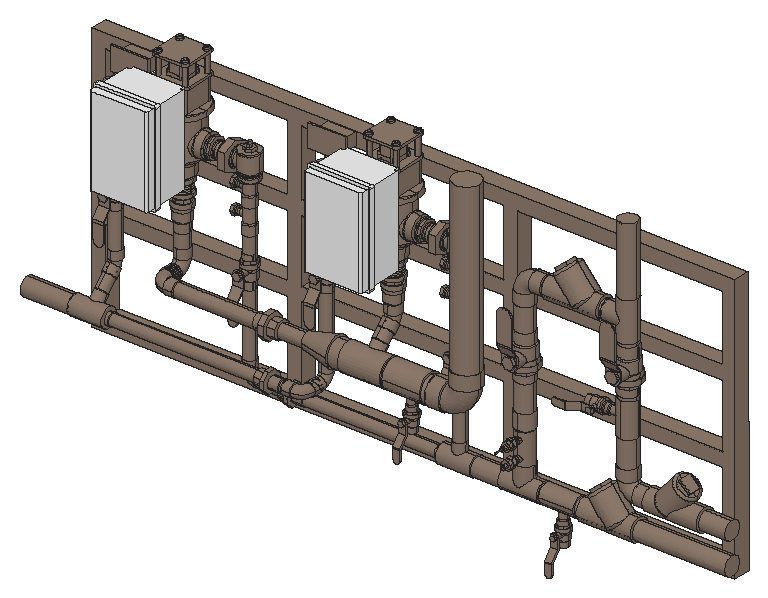
Revit family "Mixing_Valve-Leonard_Valve_Company-Megatron_NV_150_LF_2PS", category Pipe Accessories, Revit 2015 (continued)
Definition of nested family "Fitting-Tee_NV-150-LF-IF-R100_Upper"
  Parameters (values of type "Fitting-Tee_NV-150-LF-IF-R100_Upper")
    Material = none
  Reference planes (in)
    plane 1 "Center (Front/Back)": y = 0
    plane 2: z = 0
    plane 3 "Center (Left/Right)": x = 0
    plane 4: z = 0.86
    plane 5: z = -1.92
    plane 6: x = -1.57093
    plane 7: x = -1.94233
  Forms (in)
    Revolve 1, solid, material <- "Material", detail levels fine
      sketch origin (0, 0, 0) x (1, 0, 0) y (0, 0, 1)
        loop
          line (0, 0.86) -> (-0.685, 0.86) -> (-0.685, -0.56) -> (-0.745, -0.82) -> (-0.745, -1.92) -> (0, -1.92) -> (0, 0.86)
        axis (0, 0.86) -> (0, -1.92)
      angle from 0 to 360
    Revolve 2, solid, material <- "Material", detail levels fine
      sketch origin (0, 0, 0) x (1, 0, 0) y (0, 0, 1)
        loop
          line (0, 0.3714) -> (-0.90843, 0.3714) -> (-0.90843, 0.31117) -> (-1.33002, 0.31117) -> (-1.33002, 0.45672) -> (-1.57093, 0.45672) -> (-1.57093, 0) -> (0, 0) -> (0, 0.3714)
        axis (-1.57093, 0) -> (0, 0)
      angle from 0 to 360
    Sweep 3, solid, material <- "Material", detail levels fine
      path origin (0, 0, 0) x (1, 0, 0) y (0, 0, 1)
        loop
          line (-1.94233, 0) -> (-1.57093, 0)
      profile origin (-1.75663, 0, 0) x (0, 0, 1) y (0, -1, 0)
        loop
          line (0.52197, 0.30136) -> (0, 0.60272) -> (-0.52197, 0.30136) -> (-0.52197, -0.30136) -> (0, -0.60272) -> (0.52197, -0.30136) -> (0.52197, 0.30136)
  Cuts and joins
    joined: Revolve 1, Revolve 2, Sweep 3
  Lines and regions (in)
    model lines, detail levels coarse+medium
      curve 1: line (0, 0, 0.86) -> (0, 0, -1.92)
      curve 2: line (-0.75284, 0, -1.92) -> (0.75284, 0, -1.92)
      curve 3: line (-0.68759, 0, 0.86) -> (0.68759, 0, 0.86)
      curve 4: line (0, 0, 0) -> (-1.94233, 0, 0)
      curve 5: line (-1.94233, 0, 0.31117) -> (-1.94233, 0, -0.31117)
  Dimensions and locks (in)
    aligned and locked: level to plane 2
    aligned and locked: Revolve 1 sketch curve to plane 3 "Center (Left/Right)"
    aligned and locked: Revolve 2 sketch curve to plane 2
    aligned and locked: Sweep 3 sketch curve to plane 2
    aligned and locked: plane 6 to Sweep 3 sketch curve
    aligned and locked: plane 7 to Sweep 3 sketch curve
    aligned and locked: plane 2 to curve 4
    aligned and locked: curve 1 to plane 3 "Center (Left/Right)"
    aligned and locked: curve 3 to plane 4
    aligned and locked: curve 2 to plane 5
    aligned and locked: Revolve 1 sketch curve to plane 5
    aligned and locked: plane 4 to Revolve 1 sketch curve
    aligned and locked: plane 3 "Center (Left/Right)" to Revolve 1 sketch curve
    aligned and locked: plane 7 to curve 5
Definition of nested family "Fitting-Tee_NV-150-LF-IF-R100_Bottom"
  Parameters (values of type "Fitting-Tee_NV-150-LF-IF-R100_Bottom")
    Material = none
  Reference planes (in)
    plane 1 "Center (Front/Back)": y = 0
    plane 2: z = 0
    plane 3 "Center (Left/Right)": x = 0
    plane 4: z = 1.1
    plane 5: z = -1.92
    plane 6: x = -1.57093
    plane 7: x = -1.94233
  Forms (in)
    Revolve 1, solid, material <- "Material", detail levels fine
      sketch origin (0, 0, 0) x (1, 0, 0) y (0, 0, 1)
        loop
          line (0, 1.1) -> (-0.685, 1.1) -> (-0.685, -0.56) -> (-0.745, -0.82) -> (-0.745, -1.92) -> (0, -1.92) -> (0, 1.1)
        axis (0, 1.1) -> (0, -1.92)
      angle from 0 to 360
    Revolve 2, solid, material <- "Material", detail levels fine
      sketch origin (0, 0, 0) x (1, 0, 0) y (0, 0, 1)
        loop
          line (0, 0.3714) -> (-0.90843, 0.3714) -> (-0.90843, 0.31117) -> (-1.33002, 0.31117) -> (-1.33002, 0.45672) -> (-1.57093, 0.45672) -> (-1.57093, 0) -> (0, 0) -> (0, 0.3714)
        axis (-1.57093, 0) -> (0, 0)
      angle from 0 to 360
    Sweep 3, solid, material <- "Material", detail levels fine
      path origin (0, 0, 0) x (1, 0, 0) y (0, 0, 1)
        loop
          line (-1.94233, 0) -> (-1.57093, 0)
      profile origin (-1.75663, 0, 0) x (0, 0, 1) y (0, -1, 0)
        loop
          line (0.52197, 0.30136) -> (0, 0.60272) -> (-0.52197, 0.30136) -> (-0.52197, -0.30136) -> (0, -0.60272) -> (0.52197, -0.30136) -> (0.52197, 0.30136)
  Cuts and joins
    joined: Revolve 1, Revolve 2, Sweep 3
  Lines and regions (in)
    model lines, detail levels coarse+medium
      curve 1: line (0, 0, 1.1) -> (0, 0, -1.92)
      curve 2: line (-0.75284, 0, -1.92) -> (0.75284, 0, -1.92)
      curve 3: line (-0.68759, 0, 1.1) -> (0.68759, 0, 1.1)
      curve 4: line (0, 0, 0) -> (-1.94233, 0, 0)
      curve 5: line (-1.94233, 0, 0.31117) -> (-1.94233, 0, -0.31117)
  Dimensions and locks (in)
    aligned and locked: level to plane 2
    aligned and locked: Revolve 1 sketch curve to plane 3 "Center (Left/Right)"
    aligned and locked: Revolve 2 sketch curve to plane 2
    aligned and locked: Sweep 3 sketch curve to plane 2
    aligned and locked: plane 6 to Sweep 3 sketch curve
    aligned and locked: plane 7 to Sweep 3 sketch curve
    aligned and locked: plane 2 to curve 4
    aligned and locked: curve 1 to plane 3 "Center (Left/Right)"
    aligned and locked: curve 3 to plane 4
    aligned and locked: curve 2 to plane 5
    aligned and locked: Revolve 1 sketch curve to plane 5
    aligned and locked: plane 4 to Revolve 1 sketch curve
    aligned and locked: plane 3 "Center (Left/Right)" to Revolve 1 sketch curve
    aligned and locked: plane 7 to curve 5
Definition of nested family "Valve-Ball_Leonard-Valve-Company_R0.625"
  Parameters (values of type "Valve-Ball_Leonard-Valve-Company_R0.625")
    Material = none
  Reference planes (in)
    plane 1 "Center (Front/Back)": y = 0
    plane 2: z = 0
    plane 3 "Center (Left/Right)": x = 0
    plane 4: z = -2.65924
    plane 5: z = 1.7775
    plane 6: y = -1.71263
    plane 7: y = -1.9851
    plane 8: x = -0.50867
    plane 9: x = 0.50867
    plane 10: y = -1.61563
    plane 11: z = -7.10186
    plane 12: y = -2.488
    plane 13: y = -2.585
    plane 14: z = -1.00013
    plane 15: z = -0.02214
    plane 16: z = -0.51114
    plane 17: z = -0.33084
    plane 18: x = 0.66752
    plane 19: x = -0.61313
    plane 20: z = 0.77116
    plane 21: z = 1.12438
    plane 22: x = -0.97
    plane 23: x = 0.97
    plane 24: x = -0.81307
    plane 25: x = 0.81307
  Forms (in)
    Revolve 1, solid, material <- "Material"
      sketch origin (0, 0, 0) x (0, 1, 0) y (0, 0, 1)
        loop
          line (-1.61563, -0.02214) -> (0, -0.02214) -> (0, 0.38002) -> (-1.49595, 0.38002) -> (-1.49595, 0.22921) -> (-1.61563, 0.22921) -> (-1.61563, -0.02214)
        axis (0, -0.02214) -> (-1.61563, -0.02214)
      angle from 0 to 360
    Sweep 2, solid, material <- "Material"
      path origin (0, 0, 0) x (0, 1, 0) y (0, 0, 1)
        loop
          line (-1.71263, 0) -> (-1.9851, 0)
      profile origin (0, -1.84886, 0) x (0, 0, -1) y (1, 0, 0)
        loop
          line (-0.3313, -0.25395) -> (0.10855, -0.5079) -> (0.54841, -0.25395) -> (0.54841, 0.25395) -> (0.10855, 0.5079) -> (-0.3313, 0.25395) -> (-0.3313, -0.25395)
    Sweep 3, solid, material <- "Material"
      path origin (0, 0, -0.33041) x (0, 1, 0) y (0, 0, 1)
        loop
          line (-1.61563, -0.00043) -> (-1.71263, -0.00043)
      profile origin (0, -1.66413, -0.33084) x (0, 0, -1) y (1, 0, 0)
        loop
          line (0.92166, -0.61313) -> (0.92166, 0.6198) -> (-0.22329, 0.6198)
          arc (-0.22329, 0.6198) -> (-0.83976, 0.00333) -> (-0.22329, -0.61313) r 0.61647
          line (-0.22329, -0.61313) -> (0.92166, -0.61313)
    Sweep 4, solid, material <- "Material"
      path origin (0, 0, -0.33041) x (0, 1, 0) y (0, 0, 1)
        loop
          line (-2.488, -2.08706) -> (-2.585, -2.08706)
      profile origin (0, -2.5365, -2.41747) x (0, 0, -1) y (1, 0, 0)
        loop
          line (0.25237, 0.6198) -> (0.25237, -0.61313) -> (2.06826, -0.61313)
          arc (2.06826, -0.61313) -> (2.68472, 0.00333) -> (2.06826, 0.6198) r 0.61647
          line (2.06826, 0.6198) -> (0.25237, 0.6198)
    Extrusion 5, solid, material <- "Material"
      sketch origin (0, 0, -0.58278) x (0, 1, 0) y (0, 0, 1)
        loop
          line (-1.61563, -0.66972) -> (-1.61563, -0.63726) -> (-1.71263, -0.63726) -> (-2.585, -1.79494) -> (-2.585, -2.08706) -> (-2.488, -2.08706) -> (-2.488, -1.8274) -> (-1.61563, -0.66972)
      from -0.61313 to 0.6198
    Revolve 6, solid, material <- "Material"
      sketch origin (0, 0, 0) x (1, 0, 0) y (0, 0, 1)
        loop
          line (0, 1.7775) -> (0, 1.12438) -> (0.69977, 1.12438) -> (0.69977, 1.7775) -> (0, 1.7775)
        axis (0, 1.7775) -> (0, 1.12438)
      angle from 0 to 360
    Sweep 7, solid, material <- "Material"
      path origin (0, 0, 0) x (1, 0, 0) y (0, 0, 1)
        loop
          line (0, 1.12438) -> (0, 0.77116)
      profile origin (0, 0, 0.94777) x (0, -1, 0) y (1, 0, 0)
        loop
          line (0, -0.81307) -> (0.57493, -0.57493) -> (0.81307, 0) -> (0.57493, 0.57493) -> (0, 0.81307) -> (-0.57493, 0.57493) -> (-0.81307, 0) -> (-0.57493, -0.57493) -> (0, -0.81307)
    Revolve 8, solid, material <- "Material"
      sketch origin (0, 0, 0) x (1, 0, 0) y (0, 0, 1)
        loop
          line (0, 0.77116) -> (-0.97, 0.77116) -> (-0.97, 0.3513) -> (-0.89304, 0.3513) -> (-0.89304, 0) -> (-0.81307, 0) -> (-0.81307, -0.99493) -> (-0.69977, -1.10156) -> (-0.69977, -2.00127) -> (0, -2.00127) -> (0, 0.77116)
        axis (0, 0.77116) -> (0, -2.00127)
      angle from 0 to 360
  Cuts and joins
    joined: Sweep 3, Extrusion 5
  Lines and regions (in)
    model lines
      curve 1: line (0, -2.488, -2.08706) -> (0, -2.585, -2.08706)
  Dimensions and locks (in)
    aligned and locked: level to plane 2
    aligned and locked: plane 7 to Sweep 2 sketch curve
    aligned and locked: plane 6 to Sweep 2 sketch curve
    aligned and locked: Sweep 2 sketch curve to plane 2
    aligned and locked: plane 10 to Sweep 3 sketch curve
    aligned and locked: plane 6 to Sweep 3 sketch curve
    aligned and locked: plane 12 to Sweep 4 sketch curve
    aligned and locked: plane 13 to Sweep 4 sketch curve
    aligned and locked: plane 5 to Revolve 6 sketch curve
    aligned and locked: plane 3 "Center (Left/Right)" to Revolve 6 sketch curve
    aligned and locked: Revolve 6 sketch curve to plane 3 "Center (Left/Right)"
    aligned and locked: Revolve 1 sketch curve to plane 1 "Center (Front/Back)"
    aligned and locked: plane 10 to Revolve 1 sketch curve
    aligned and locked: Sweep 3 sketch curve to plane 17
    aligned and locked: Extrusion 5 sketch curve to plane 10
    aligned and locked: Extrusion 5 sketch curve to plane 13
    aligned and locked: Extrusion 5 sketch curve to plane 12
    aligned and locked: cut or joined group of Sweep 3, Extrusion 5 to plane 19
    aligned and locked: plane 21 to Sweep 7 sketch curve
    aligned and locked: Sweep 7 sketch curve to plane 3 "Center (Left/Right)"
    aligned and locked: plane 20 to Sweep 7 sketch curve
    aligned and locked: Revolve 1 sketch curve to plane 15
Definition of nested family "Fitting-Elbow_Leonard-Valve-Company"
  Parameters (values of type "Fitting-Elbow_Leonard-Valve-Company_4.0")
    Width = 7.0600"
    Pipe Diameter = 4.0450"
    Material = none
    Height = 7.0600"
    Elbow Top = 4.3390"
    Elbow Lenght = 4.8940"
    Diameter = 4.0000"
  Types (7): name | Width | Pipe Diameter | Height | Elbow Top | Elbow Lenght | Diameter
    (no name) | 7.0600" | 4.0450" | 7.0600" | 4.3390" | 4.8940" | 4.0000"
    Fitting-Elbow_Leonard-Valve-Company_2.0 | 3.81611" | 2.0600" | 3.82111" | 2.26362" | 2.47897" | 2.0000"
    Fitting-Elbow_Leonard-Valve-Company_1.0 | 2.5900" | 1.1200" | 2.5900" | 1.2300" | 1.6800" | 1.0000"
    Fitting-Elbow_Leonard-Valve-Company_1.25 | 2.7900" | 1.3200" | 2.7900" | 1.4700" | 1.7500" | 1.2500"
    Fitting-Elbow_Leonard-Valve-Company_1.5 | 3.1800" | 1.5800" | 3.1800" | 1.7400" | 2.0900" | 1.5000"
    Fitting-Elbow_Leonard-Valve-Company_3.0 | 5.3700" | 3.0420" | 5.3700" | 3.2890" | 3.7090" | 3.0000"
    Fitting-Elbow_Leonard-Valve-Company_4.0 | 7.0600" | 4.0450" | 7.0600" | 4.3390" | 4.8940" | 4.0000"
  Reference planes (in)
    plane 1 "Center (Front/Back)": y = 0
    plane 2: z = 0
    plane 3 "Center (Left/Right)": x = 0
    plane 4: x = 3.53
    plane 5: z = 3.53
    plane 6: z = 1.364
    plane 7: x = 1.364
    plane 8: z = -3.53
    plane 9: x = -3.53
    plane 10: x = 0.809
    plane 11: z = 0.809
    plane 12: x = -1.3605
    plane 13: z = -1.3605
  Forms (in)
    Revolve 1, solid, material <- "Material", detail levels fine
      sketch origin (-0.78125, 0, -0.77875) x (1, 0, 0) y (0, 0, 1)
        loop
          line (4.31125, -0.58175) -> (4.31125, 1.58775) -> (2.14525, 1.58775) -> (2.14525, -0.58175) -> (4.31125, -0.58175)
        axis (2.14525, -0.58175) -> (4.31125, -0.58175)
      angle from 0 to 360
    Revolve 2, solid, material <- "Material", detail levels fine
      sketch origin (-0.78125, 0, -0.77875) x (1, 0, 0) y (0, 0, 1)
        loop
          line (-2.74875, 2.14275) -> (-0.57925, 2.14275) -> (-0.57925, 4.30875) -> (-2.74875, 4.30875) -> (-2.74875, 2.14275)
        axis (-0.57925, 4.30875) -> (-0.57925, 2.14275)
      angle from 0 to 360
    Sweep 3, solid, material <- "Material", detail levels fine
      path origin (-0.78125, 0, -0.77875) x (1, 0, 0) y (0, 0, 1)
        loop
          arc (-0.57925, 2.14275) -> (0.21874, 0.21623) -> (2.14525, -0.58175) r 2.7245
      profile "Fitting-Profile : Fitting-Profile" origin (-0.56251, 0, -0.56251) x (0.707107, 0, 0.707107) y (0, -1, 0)
        loop
          circle (0, 0) r 2.0225
  Lines and regions (in)
    model lines, detail levels coarse+medium
      curve 1: line (-3.53, 0, 3.53) -> (0.809, 0, 3.53)
      curve 2: line (3.53, 0, 0.809) -> (3.53, 0, -3.53)
      curve 3: line (-1.3605, 0, 3.53) -> (-1.3605, 0, 1.364)
      curve 4: line (3.53, 0, -1.3605) -> (1.364, 0, -1.3605)
      curve 5: arc (-1.3605, 0, 1.364) -> (-0.56251, 0, -0.56251) -> (1.364, 0, -1.3605) r 2.7245
  Dimensions and locks (in)
    "Elbow Lenght": plane 6 to plane 8
    "Elbow Lenght": plane 7 to plane 9
    "Elbow Top": plane 11 to plane 8
    "Elbow Top": plane 10 to plane 9
    equal spacing: plane 10, plane 12, plane 9
    equal spacing: plane 11, plane 13, plane 8
    equal spacing: plane 5, plane 2, plane 8
    equal spacing: plane 4, plane 3 "Center (Left/Right)", plane 9
    "Height": plane 5 to plane 8
    "Width": plane 4 to plane 9
    aligned and locked: level to plane 2
    aligned and locked: plane 4 to Revolve 1 sketch curve
    aligned and locked: Revolve 2 sketch curve to plane 5
    aligned and locked: Revolve 1 sketch curve to plane 7
    aligned and locked: curve 1 to plane 5
    aligned and locked: Revolve 2 sketch curve to plane 12  (x2)
    aligned and locked: plane 6 to Revolve 2 sketch curve
    aligned and locked: Revolve 1 sketch curve to plane 13  (x2)
    aligned and locked: Revolve 1 sketch curve to plane 11
    aligned and locked: plane 9 to Revolve 2 sketch curve
    aligned and locked: plane 6 to Sweep 3 sketch curve
    aligned and locked: plane 7 to Sweep 3 sketch curve
    aligned and locked: plane 9 to curve 1
    aligned and locked: plane 10 to curve 1
    aligned and locked: curve 2 to plane 4
    aligned and locked: plane 11 to curve 2
    aligned and locked: plane 8 to curve 2
    aligned and locked: plane 4 to curve 4
    aligned and locked: plane 13 to curve 4
    aligned and locked: plane 6 to curve 5
    aligned and locked: plane 5 to curve 3
    aligned and locked: curve 3 to plane 12
    aligned and locked: plane 12 to curve 5
    aligned and locked: plane 7 to curve 4
    aligned and locked: plane 13 to curve 5
  Automatic sketch dimensions
    Revolve 1 sketch curve to plane 9 = 58.1854"
    plane 4 to Revolve 1 sketch curve = 69.71809"
    plane 8 to Revolve 2 sketch curve = 13.2794"
    plane 5 to Revolve 2 sketch curve = 84.48845"
    Sweep 3 sketch curve to plane 12 = 0.0000"
Definition of nested family "Fitting-Tee_Leonard-Valve-Company"
  Parameters (values of type "Fitting-Tee_Leonard-Valve-Company_3.0")
    Width = 5.0430"
    Pipe Diemater 02 = 3.2890"
    Pipe Diameter 01 = 1.7000"
    Material = none
    Height = 4.0000"
    Diameter 02 = 3.0000"
    Diameter 01 = 1.2500"
  Types (3): name | Width | Pipe Diemater 02 | Pipe Diameter 01 | Height | Diameter 02
    Fitting-Tee_Leonard-Valve-Company_1.25_03 | 4.0630" | 2.2550" | 1.4720" | 3.1890" | 1.2500"
    Fitting-Tee_Leonard-Valve-Company_2.0_02 | 4.6160" | 2.2540" | 2.2250" | 3.60863" | 2.0000"
    Fitting-Tee_Leonard-Valve-Company_3.0 | 5.0430" | 3.2890" | 1.7000" | 4.0000" | 3.0000"
  Reference planes (in)
    plane 1 "Center (Front/Back)": y = 0
    plane 2: z = 0
    plane 3 "Center (Left/Right)": x = 0
    plane 4: x = -2.5215
    plane 5: x = 2.5215
    plane 6: z = 2.3555
    plane 7: x = 0.85
    plane 8: x = -0.85
    plane 9: z = 1.6445
    plane 10: z = -1.6445
  Forms (in)
    Sweep 1, solid, material <- "Material", detail levels fine
      path origin (0, 0, 0) x (1, 0, 0) y (0, 0, 1)
        loop
          line (-2.5215, 0) -> (2.5215, 0)
      profile "Fitting-Profile_02 : Fitting-Profile_02" origin (0, 0, 0) x (0, 0, 1) y (0, -1, 0)
        loop
          circle (0, 0) r 1.6445
    Sweep 2, solid, material <- "Material", detail levels fine
      path origin (0, 0, 0) x (1, 0, 0) y (0, 0, 1)
        loop
          line (0, 2.3555) -> (0, 0)
      profile "Fitting-Profile_01 : Fitting-Profile_01" origin (0, 0, 1.17775) x (1, 0, 0) y (0, -1, 0)
        loop
          circle (0, 0) r 0.85
  Cuts and joins
    joined: Sweep 1, Sweep 2
  Lines and regions (in)
    model lines, detail levels coarse+medium
      curve 1: line (-0.85, 0, 2.3555) -> (0.85, 0, 2.3555)
      curve 2: line (2.5215, 0, 1.6445) -> (2.5215, 0, -1.6445)
      curve 3: line (-2.5215, 0, 1.6445) -> (-2.5215, 0, -1.6445)
      curve 4: line (-2.5215, 0, 0) -> (2.5215, 0, 0)
      curve 5: line (0, 0, 0) -> (0, 0, 2.3555)
  Dimensions and locks (in)
    "Width": plane 5 to plane 4
    equal spacing: plane 5, plane 3 "Center (Left/Right)", plane 4
    "Height": plane 6 to plane 10
    equal spacing: plane 8, plane 3 "Center (Left/Right)", plane 7
    "Pipe Diameter 01": plane 8 to plane 7
    equal spacing: plane 9, plane 2, plane 10
    "Pipe Diemater 02": plane 9 to plane 10
    aligned and locked: level to plane 2
    aligned and locked: Sweep 2 sketch curve to plane 3 "Center (Left/Right)"
    aligned and locked: plane 4 to Sweep 1 sketch curve
    aligned and locked: plane 5 to Sweep 1 sketch curve
    aligned and locked: Sweep 1 sketch curve to plane 2
    aligned and locked: plane 6 to Sweep 2 sketch curve
    aligned and locked: plane 2 to Sweep 2 sketch curve
    aligned and locked: plane 8 to curve 1
    aligned and locked: plane 7 to curve 1
    aligned and locked: curve 1 to plane 6
    aligned and locked: plane 3 "Center (Left/Right)" to curve 5
    aligned and locked: plane 9 to curve 3
    aligned and locked: curve 3 to plane 4
    aligned and locked: plane 10 to curve 3
    aligned and locked: plane 10 to curve 2
    aligned and locked: plane 9 to curve 2
    aligned and locked: curve 2 to plane 5
    aligned and locked: curve 4 to plane 2
    aligned and locked: plane 4 to curve 4
    aligned and locked: plane 5 to curve 4
Definition of nested family "Valve-Check_Leonard-Valve-Company"
  Parameters (values of type "Valve-Check_Leonard-Valve-Company_1.5")
    Width = 5.2930"
    Top Width = 1.0230"
    Reduction Width = 2.4520"
    Reduction Top Height = 3.3800"
    Reduction Position = 1.7860"
    Reduction Height = 3.0310"
    Position = 1.4660"
    Material = none
    Corner Radious = 0.2650"
    Pipe Diameter = 1.8040"
    Diemeter = 1.5000"
  Types (5): name | Width | Top Width | Reduction Width | Reduction Top Height | Reduction Position | Reduction Height | Position | Corner Radious | Pipe Diameter | Diemeter
    Valve-Check_Leonard-Valve-Company_1.25 | 5.3440" | 1.3900" | 2.4790" | 3.4600" | 1.7930" | 3.1100" | 1.3700" | 0.30882" | 1.8220" | 1.2500"
    Valve-Check_Leonard-Valve-Company_1.0 | 4.1190" | 1.0230" | 1.9350" | 2.8090" | 2.23846" | 2.5050" | 1.4660" | 0.2650" | 1.5690" | 1.0000"
    Valve-Check_Leonard-Valve-Company_1.5 | 5.2930" | 1.0230" | 2.4520" | 3.3800" | 1.7860" | 3.0310" | 1.4660" | 0.2650" | 1.8040" | 1.5000"
    Valve-Check_Leonard-Valve-Company_2.0 | 6.5040" | 1.6950" | 3.0770" | 4.1600" | 1.2840" | 3.8090" | 1.2660" | 0.2530" | 2.5550" | 2.0000"
    Valve-Check_Leonard-Valve-Company_3.0 | 6.5040" | 1.6950" | 3.0770" | 4.1600" | 1.2840" | 3.8090" | 1.2660" | 0.2530" | 2.5550" | 3.0000"
  Reference planes (in)
    plane 1 "Center (Front/Back)": y = 0
    plane 2: z = 0
    plane 3 "Center (Left/Right)": x = 0
    plane 4: x = -2.6465
    plane 5: x = 2.6465
    plane 6: z = 0.902
    plane 7: z = -0.902
    plane 8: through (0.87672, -60, 2.19376) normal (-0.766, 0, 0.6428)
    plane 9: through (0.68118, -60, 3.09219) normal (0.6428, 0, 0.766)
    plane 10: through (1.51453, -60, 1.93734) normal (0.6428, 0, 0.766)
    plane 11: through (-0.42304, -60, -0.39354) normal (0.6428, 0, 0.766)
    plane 12: through (3.52252, -60, 3.43958) normal (-0.766, 0, 0.6428)
    plane 13: through (2.76859, -60, 3.65265) normal (-0.766, 0, 0.6428)
    plane 14: through (1.98493, -60, 4.31023) normal (-0.766, 0, 0.6428)
    plane 15: through (2.44756, -60, -0.82392) normal (0.6428, 0, 0.766)
    plane 16: through (1.64418, -60, 5.0157) normal (-0.766, 0, 0.6428)
    plane 17: through (3.31952, -60, 3.60992) normal (-0.766, 0, 0.6428)
    plane 18: through (-0.232, -60, -0.20791) normal (0.6428, 0, 0.766)
    plane 19: through (1.37561, -60, 1.70797) normal (0.6428, 0, 0.766)
    plane 20: through (-1.38876, -60, -1.49693) normal (0.6428, 0, 0.766)
    plane 21: through (0.30643, -60, 6.19996) normal (-0.766, 0, 0.6428)
  Forms (in)
    Sweep 1, solid, material <- "Material", detail levels fine
      path origin (0, 0, 0) x (1, 0, 0) y (0, 0, 1)
        loop
          line (-2.6465, 0) -> (2.6465, 0)
      profile "Fitting-Profile : Fitting-Profile" origin (0, 0, 0) x (0, 0, 1) y (0, -1, 0)
        loop
          circle (0, 0) r 0.902
    Sweep 2, solid, material <- "Material", detail levels fine
      path origin (0, 0, 0) x (1, 0, 0) y (0, 0, 1)
        loop
          line (1.01398, 2.35734) -> (1.23831, 2.62469)
      profile origin (1.12615, 0, 2.49102) x (-0.766044, 0, 0.642788) y (0, -1, 0)
        loop
          line (0.5115, 0.695) -> (-0.5115, 0.695) -> (-0.5115, -0.695) -> (0.5115, -0.695) -> (0.5115, 0.695)
    Revolve 3, solid, material <- "Material", detail levels fine
      sketch origin (0, 0, 0) x (1, 0, 0) y (0, 0, 1)
        loop
          line (1.01398, 2.35734) -> (-0.93431, 0.03546) -> (-0.19814, -0.58226)
          arc (-0.19814, -0.58226) -> (-0.0047, -0.64325) -> (0.1752, -0.54959) r 0.265
          line (0.1752, -0.54959) -> (1.78281, 1.36629)
          arc (1.78281, 1.36629) -> (1.8438, 1.55972) -> (1.75015, 1.73963) r 0.265
          line (1.75015, 1.73963) -> (1.01398, 2.35734)
        axis (-0.93431, 0.03546) -> (1.01398, 2.35734)
      angle from 0 to 360
  Cuts and joins
    joined: Sweep 1, Revolve 3
  Lines and regions (in)
    model lines, detail levels coarse+medium
      curve 1: line (-2.6465, 0, 0) -> (2.6465, 0, 0)
      curve 4: line (0.84648, 0, 2.95348) -> (1.63015, 0, 2.29591)
    model lines
      curve 2: line (-2.6465, 0, 0.902) -> (-2.6465, 0, -0.902)
      curve 3: line (2.6465, 0, 0.902) -> (2.6465, 0, -0.902)
      curve 5: line (1.23831, 0, 2.62469) -> (-0.96407, 0, 0)
  Dimensions and locks (in)
    "Width": plane 5 to plane 4
    equal spacing: plane 5, plane 3 "Center (Left/Right)", plane 4
    equal spacing: plane 6, plane 2, plane 7
    "Pipe Diameter": plane 6 to plane 7
    "Reduction Height": plane 10 to plane 11
    equal spacing: plane 10, plane 15, plane 11
    "Top Width": plane 13 to plane 14
    equal spacing: plane 16, plane 8, plane 12
    "Reduction Width": plane 16 to plane 12
    equal spacing: plane 13, plane 8, plane 14
    "Reduction Top Height": plane 9 to plane 11
    "Corner Radious": plane 17 to plane 12
    "Corner Radious": plane 10 to plane 19
    "Corner Radious": plane 18 to plane 11
    "Position": plane 11 to plane 20
    "Reduction Position": plane 16 to plane 21
    aligned and locked: level to plane 2
    aligned and locked: Sweep 1 sketch curve to plane 2
    aligned and locked: plane 4 to Sweep 1 sketch curve
    aligned and locked: plane 5 to Sweep 1 sketch curve
    aligned and locked: curve 1 to plane 2
    aligned and locked: plane 4 to curve 1
    aligned and locked: plane 5 to curve 1
    aligned and locked: plane 9 to Sweep 2 sketch curve
    aligned and locked: Sweep 2 sketch curve to plane 8
    aligned and locked: plane 10 to Sweep 2 sketch curve
    aligned and locked: plane 14 to Sweep 2 sketch curve
    aligned and locked: plane 13 to Sweep 2 sketch curve
    aligned and locked: curve 4 to plane 9
    aligned and locked: curve 2 to plane 4
    aligned and locked: plane 6 to curve 2
    aligned and locked: plane 7 to curve 2
    aligned and locked: plane 6 to curve 3
    aligned and locked: curve 3 to plane 5
    aligned and locked: plane 7 to curve 3
    aligned and locked: plane 12 to Revolve 3 sketch curve  (x2)
    aligned and locked: Revolve 3 sketch curve to plane 8  (x2)
    aligned and locked: Revolve 3 sketch curve to plane 10
    aligned and locked: plane 11 to Revolve 3 sketch curve
    aligned and locked: plane 18 to Revolve 3 sketch curve
    aligned and locked: plane 17 to Revolve 3 sketch curve  (x2)
    aligned and locked: plane 10 to Revolve 3 sketch curve
    aligned and locked: plane 19 to Revolve 3 sketch curve
    aligned and locked: plane 8 to curve 5  (x2)
    aligned and locked: plane 9 to curve 5
  Automatic sketch dimensions
    Sweep 2 sketch curve to plane 1 "Center (Front/Back)" = 0.6950"
    plane 1 "Center (Front/Back)" to Sweep 2 sketch curve = 0.6950"
    Revolve 3 sketch curve to plane 18 = 0.0000"
    plane 19 to Revolve 3 sketch curve = 0.0000"
    Revolve 3 sketch curve to level = 0.21961"
    Revolve 3 sketch curve to plane 5 = 0.24834"
    curve 4 to plane 14 = 0.0000"
    plane 13 to curve 4 = 0.0000"
Definition of nested family "Fitting-Tee_NV-200-LF"
  Parameters (values of type "Fitting-Tee_NV-200-LF")
    Material = none
  Reference planes (in)
    plane 1 "Center (Front/Back)": y = 0
    plane 2: z = 0
    plane 3 "Center (Left/Right)": x = 0
    plane 4: z = 4.16153
    plane 5: z = -2.84848
    plane 6: x = 0
    plane 7: z = 2.00095
  Forms (in)
    Revolve 1, solid, material <- "Material", detail levels fine
      sketch origin (-0.35599, 0, 0) x (1, 0, 0) y (0, 0, 1)
        loop
          line (0.35599, 4.16153) -> (-0.69552, 4.16153) -> (-0.69552, -0.92073) -> (-0.77563, -1.00084) -> (-0.77563, -2.84848) -> (0.35599, -2.84848) -> (0.35599, 4.16153)
        axis (0.35599, 4.16153) -> (0.35599, -2.84848)
      angle from 0 to 360
    Revolve 2, solid, material <- "Material", detail levels fine
      sketch origin (-0.35599, 0, 0) x (1, 0, 0) y (0, 0, 1)
        loop
          line (0, 0.3714) -> (-0.90843, 0.3714) -> (-0.90843, 0.31117) -> (-1.33002, 0.31117) -> (-1.33002, 0.45672) -> (-1.57093, 0.45672) -> (-1.57093, 0) -> (0, 0) -> (0, 0.3714)
        axis (-1.57093, 0) -> (0, 0)
      angle from 0 to 360
    Sweep 3, solid, material <- "Material", detail levels fine
      path origin (-0.35599, 0, 0) x (1, 0, 0) y (0, 0, 1)
        loop
          line (-1.94233, 0) -> (-1.57093, 0)
      profile origin (-2.11262, 0, 0) x (0, 0, 1) y (0, -1, 0)
        loop
          line (0.52197, 0.30136) -> (0, 0.60272) -> (-0.52197, 0.30136) -> (-0.52197, -0.30136) -> (0, -0.60272) -> (0.52197, -0.30136) -> (0.52197, 0.30136)
    Revolve 4, solid, material <- "Material", detail levels fine
      sketch origin (-0.35599, 0, 0) x (1, 0, 0) y (0, 0, 1)
        loop
          line (-1.94233, 0) -> (-1.94233, 0.36638) -> (-2.0678, 0.36638) -> (-2.0678, 0) -> (-1.94233, 0)
        axis (-2.0678, 0) -> (-1.94233, 0)
      angle from 0 to 360
    Sweep 5, solid, material <- "Material", detail levels fine
      path origin (-0.35599, 0, 0) x (1, 0, 0) y (0, 0, 1)
        loop
          line (-2.0678, 0) -> (-2.45426, 0)
      profile origin (-2.61702, 0, 0) x (0, 0, -1) y (0, -1, 0)
        loop
          line (-0.52197, 0) -> (-0.36909, -0.36909) -> (0, -0.52197) -> (0.36909, -0.36909) -> (0.52197, 0) -> (0.36909, 0.36909) -> (0, 0.52197) -> (-0.36909, 0.36909) -> (-0.52197, 0)
    Revolve 6, solid, material <- "Material", detail levels fine
      sketch origin (-0.35599, 0, 0) x (1, 0, 0) y (0, 0, 1)
        loop
          line (-2.45426, 0) -> (-2.45426, 0.12547) -> (-2.52453, 0.12547) -> (-2.58475, 0.17601) -> (-2.58475, 0) -> (-2.45426, 0)
        axis (-2.58475, 0) -> (-2.45426, 0)
      angle from 0 to 360
    Sweep 7, solid, material <- "Material", detail levels fine
      path origin (-0.35599, 0, 0) x (1, 0, 0) y (0, 0, 1)
        loop
          line (-2.58475, 0) -> (-2.99631, 0)
      profile origin (-3.14652, 0, 0) x (0, 0, -1) y (0, -1, 0)
        loop
          line (-0.25095, -0.10395) -> (-0.10395, -0.25095) -> (0.10395, -0.25095) -> (0.25095, -0.10395) -> (0.25095, 0.10395) -> (0.10395, 0.25095) -> (-0.10395, 0.25095) -> (-0.25095, 0.10395) -> (-0.25095, -0.10395)
    Revolve 8, solid, material <- "Material", detail levels fine
      sketch origin (-0.35599, 0, 0) x (1, 0, 0) y (0, 0, 1)
        loop
          line (-2.99631, 0) -> (-2.99631, 0.22083) -> (-3.05653, 0.22083) -> (-3.05653, 0.06023) -> (-4.06032, 0.06023) -> (-4.06032, 0) -> (-2.99631, 0)
        axis (-4.06032, 0) -> (-2.99631, 0)
      angle from 0 to 360
    Revolve 9, solid, material <- "Material", detail levels fine
      sketch origin (0, 0, 0) x (1, 0, 0) y (0, 0, 1)
        loop
          line (-1.92635, 2.00095) -> (0, 2.00095) -> (0, 2.36897) -> (-1.26541, 2.36897) -> (-1.26541, 2.30889) -> (-1.68601, 2.30889) -> (-1.68601, 2.45409) -> (-1.92635, 2.45409) -> (-1.92635, 2.00095)
        axis (-1.92635, 2.00095) -> (0, 2.00095)
      angle from 0 to 360
    Sweep 10, solid, material <- "Material", detail levels fine
      path origin (0, 0, 0) x (1, 0, 0) y (0, 0, 1)
        loop
          line (-2.29688, 2.00095) -> (-1.92635, 2.00095)
      profile origin (-2.11161, 0, 2.00095) x (0, 0, 1) y (0, -1, 0)
        loop
          line (0.51824, 0.29921) -> (0, 0.59841) -> (-0.51824, 0.29921) -> (-0.51824, -0.29921) -> (0, -0.59841) -> (0.51824, -0.29921) -> (0.51824, 0.29921)
    Sweep 11, solid, material <- "Material", detail levels fine
      path origin (0, 0, 0) x (1, 0, 0) y (0, 0, 1)
        loop
          line (-2.42206, 2.00095) -> (-2.80761, 2.00095)
      profile origin (-2.61483, 0, 2.00095) x (0, 0, -1) y (0, -1, 0)
        loop
          line (-0.51824, -0.21466) -> (-0.21466, -0.51824) -> (0.21466, -0.51824) -> (0.51824, -0.21466) -> (0.51824, 0.21466) -> (0.21466, 0.51824) -> (-0.21466, 0.51824) -> (-0.51824, 0.21466) -> (-0.51824, -0.21466)
    Sweep 12, solid, material <- "Material", detail levels fine
      path origin (0, 0, 0) x (1, 0, 0) y (0, 0, 1)
        loop
          line (-3.353, 2.00095) -> (-2.93779, 2.00095)
      profile origin (-3.1454, 0, 2.00095) x (0, 0, 1) y (0, -1, 0)
        loop
          line (0.25286, 0.10474) -> (0.10474, 0.25286) -> (-0.10474, 0.25286) -> (-0.25286, 0.10474) -> (-0.25286, -0.10474) -> (-0.10474, -0.25286) -> (0.10474, -0.25286) -> (0.25286, -0.10474) -> (0.25286, 0.10474)
    Revolve 13, solid, material <- "Material", detail levels fine
      sketch origin (0, 0, 0) x (1, 0, 0) y (0, 0, 1)
        loop
          line (-2.42206, 2.36897) -> (-2.42206, 2.00095) -> (-2.29688, 2.00095) -> (-2.29688, 2.36897) -> (-2.42206, 2.36897)
        axis (-2.42206, 2.00095) -> (-2.29688, 2.00095)
      angle from 0 to 360
    Revolve 14, solid, material <- "Material", detail levels fine
      sketch origin (0, 0, 0) x (1, 0, 0) y (0, 0, 1)
        loop
          line (-2.80761, 2.12362) -> (-2.87771, 2.12362) -> (-2.93779, 2.18371) -> (-2.93779, 2.00095) -> (-2.80761, 2.00095) -> (-2.80761, 2.12362)
        axis (-2.93779, 2.00095) -> (-2.80761, 2.00095)
      angle from 0 to 360
    Revolve 15, solid, material <- "Material", detail levels fine
      sketch origin (0, 0, 0) x (1, 0, 0) y (0, 0, 1)
        loop
          line (-3.353, 2.21876) -> (-3.40847, 2.21876) -> (-3.40847, 2.00095) -> (-3.353, 2.00095) -> (-3.353, 2.21876)
        axis (-3.40847, 2.00095) -> (-3.353, 2.00095)
      angle from 0 to 360
  Lines and regions (in)
    model lines, detail levels coarse+medium
      curve 1: line (-1.26541, 0, 2.00095) -> (0, 0, 2.00095)
      curve 2: line (-1.26541, 0, 2.36897) -> (-1.26541, 0, 1.62791)
      curve 3: line (-1.26541, 0, 0) -> (0, 0, 0)
      curve 4: line (-1.26541, 0, 0.36611) -> (-1.26541, 0, -0.37495)
      curve 5: line (0, 0, 4.16153) -> (0, 0, -2.84848)
      curve 6: line (-1.13162, 0, -2.84848) -> (1.13162, 0, -2.84848)
      curve 7: line (-1.0515, 0, 4.16153) -> (1.0515, 0, 4.16153)
  Dimensions and locks (in)
    aligned and locked: level to plane 2
    aligned and locked: Revolve 2 sketch curve to plane 2
    aligned and locked: Sweep 3 sketch curve to plane 2
    aligned and locked: Revolve 4 sketch curve to plane 2
    aligned and locked: plane 2 to Sweep 5 sketch curve
    aligned and locked: Revolve 6 sketch curve to plane 2
    aligned and locked: plane 2 to Sweep 7 sketch curve
    aligned and locked: Revolve 8 sketch curve to plane 2
    aligned and locked: Revolve 9 sketch curve to plane 7
    aligned and locked: Sweep 10 sketch curve to plane 7
    aligned and locked: plane 7 to Sweep 11 sketch curve
    aligned and locked: Sweep 12 sketch curve to plane 7
    aligned and locked: Revolve 13 sketch curve to plane 7
    aligned and locked: Revolve 15 sketch curve to plane 7
Definition of nested family "Fitting-Elbow_Leonard-Valve-Company_Angle45"
  Parameters (values of type "Fitting-Elbow_Leonard-Valve-Company_1.5")
    Width = 3.1800"
    Pipe Diameter = 1.5800"
    Material = none
    Height = 3.1800"
    Elbow Top = 1.7400"
    Elbow Side = 1.0470"
    Elbow Lenght = 2.0900"
    Diameter = 1.5000"
    Arc Width = 1.2000"
    Arc Lenght = 2.2000"
  Types (2): name | Width | Pipe Diameter | Height | Elbow Top | Elbow Side | Elbow Lenght | Diameter | Arc Width | Arc Lenght
    Fitting-Elbow_Leonard-Valve-Company_1.25 | 2.7900" | 1.3200" | 2.7900" | 1.50315" | 0.9740" | 1.7500" | 1.2500" | 1.4000" | 1.97283"
    Fitting-Elbow_Leonard-Valve-Company_1.5 | 3.1800" | 1.5800" | 3.1800" | 1.7400" | 1.0470" | 2.0900" | 1.5000" | 1.2000" | 2.2000"
  Reference planes (in)
    plane 1 "Center (Front/Back)": y = 0
    plane 2: z = 0
    plane 3 "Center (Left/Right)": x = 0
    plane 4: z = 1.395
    plane 5: z = 0.348
    plane 6: x = 0.695
    plane 7: z = -1.785
    plane 8: x = -1.395
    plane 9: x = 0.345
    plane 10: x = -0.525
    plane 11: through (0.51563, -60, 0.19437) normal (0.7071, 0, -0.7071)
    plane 12: through (-2.54476, -60, -4.34671) normal (-0.7071, 0, 0.7071)
    plane 13: through (-0.95389, -60, -0.95389) normal (0.7071, 0, 0.7071)
    plane 14: through (1.08425, -60, -0.53131) normal (0.7071, 0, 0.7071)
    plane 15: through (0.20013, -60, -0.87755) normal (0.7071, 0, 0.7071)
    plane 16: z = 0.8715
    plane 17: through (-2.3936, -60, -3.45521) normal (-0.7071, 0, 0.7071)
    plane 18: z = -0.195
    plane 19: through (-1.395, -60, 1.395) normal (0.7071, 0, -0.7071)
    plane 20: through (0.855, -60, 1.395) normal (0.7071, 0, 0.7071)
  Forms (in)
    Revolve 1, solid, material <- "Material", detail levels fine
      sketch origin (-0.78125, 0, -0.77875) x (1, 0, 0) y (0, 0, 1)
        loop
          line (0.60317, 0.2794) -> (1.34351, -0.46094) -> (1.9587, 0.15424) -> (1.21836, 0.89458) -> (0.60317, 0.2794)
        axis (0.60317, 0.2794) -> (1.34351, -0.46094)
      angle from 0 to 360
    Revolve 2, solid, material <- "Material", detail levels fine
      sketch origin (-0.78125, 0, -0.77875) x (1, 0, 0) y (0, 0, 1)
        loop
          line (-0.61375, 1.12675) -> (0.25625, 1.12675) -> (0.25625, 2.17375) -> (-0.61375, 2.17375) -> (-0.61375, 1.12675)
        axis (0.25625, 2.17375) -> (0.25625, 1.12675)
      angle from 0 to 360
    Sweep 3, solid, material <- "Material", detail levels fine
      path origin (-0.78125, 0, -0.77875) x (1, 0, 0) y (0, 0, 1)
        loop
          arc (0.25625, 1.65025) -> (0.36469, 0.67672) -> (0.97334, -0.09077) r 1.77366
      profile "Fitting-Profile : Fitting-Profile" origin (-0.41656, 0, -0.10202) x (0.92464, 0, 0.380843) y (0, -1, 0)
        loop
          circle (0, 0) r 0.79
  Lines and regions (in)
    model lines, detail levels coarse+medium
      curve 1: line (-1.395, 0, 1.395) -> (0.345, 0, 1.395)
      curve 2: line (-0.05292, 0, -1.85487) -> (1.17745, 0, -0.6245)
      curve 3: line (-0.525, 0, 1.395) -> (-0.525, 0, 0.348)
      curve 4: line (0.56226, 0, -1.23969) -> (-0.17808, 0, -0.49935)
      curve 5: arc (-0.525, 0, 0.348) -> (-0.43491, 0, -0.10981) -> (-0.17808, 0, -0.49935) r 1.20826
  Dimensions and locks (in)
    "Elbow Top": plane 9 to plane 8
    equal spacing: plane 9, plane 10, plane 8
    "Elbow Side": plane 12 to plane 11
    "Elbow Top": plane 14 to plane 13
    equal spacing: plane 14, plane 15, plane 13
    equal spacing: plane 4, plane 16, plane 5
    "Elbow Side": plane 4 to plane 5
    equal spacing: plane 12, plane 17, plane 11
    "Arc Lenght": plane 11 to plane 19
    "Arc Width": plane 20 to plane 14
    aligned and locked: level to plane 2
    aligned and locked: Revolve 2 sketch curve to plane 4
    aligned and locked: Revolve 2 sketch curve to plane 10  (x2)
    aligned and locked: plane 5 to Revolve 2 sketch curve
    aligned and locked: plane 8 to Revolve 2 sketch curve
    aligned and locked: Revolve 1 sketch curve to plane 15
    aligned and locked: Revolve 1 sketch curve to plane 14
    aligned and locked: plane 11 to Revolve 1 sketch curve
    aligned and locked: plane 15 to Revolve 1 sketch curve
    aligned and locked: plane 12 to Revolve 1 sketch curve
    aligned and locked: plane 16 to Sweep 3 sketch curve
    aligned and locked: plane 10 to Sweep 3 sketch curve
    aligned and locked: plane 17 to Sweep 3 sketch curve
    aligned and locked: plane 15 to Sweep 3 sketch curve
    aligned and locked: plane 8 to curve 1
    aligned and locked: curve 1 to plane 4
    aligned and locked: plane 9 to curve 1
    aligned and locked: curve 2 to plane 12
    aligned and locked: plane 13 to curve 2
    aligned and locked: plane 14 to curve 2
    aligned and locked: plane 4 to curve 3
    aligned and locked: curve 3 to plane 10
    aligned and locked: plane 15 to curve 4
    aligned and locked: plane 11 to curve 4
    aligned and locked: plane 12 to curve 4
    aligned and locked: plane 5 to curve 5
    aligned and locked: plane 10 to curve 5
    aligned and locked: plane 15 to curve 5
  Automatic sketch dimensions
    plane 7 to Revolve 2 sketch curve = 13.2794"
    plane 4 to Revolve 2 sketch curve = 84.48845"
    plane 4 to Revolve 1 sketch curve = 40.02727"
    plane 7 to Revolve 1 sketch curve = 49.59698"
    plane 5 to Sweep 3 sketch curve = 0.22547"
Definition of nested family "Valve-Ball_Leonard-Valve-Company_R2"
  Parameters (values of type "Valve-Ball_Leonard-Valve-Company_R2")
    Material = none
  Reference planes (in)
    plane 1 "Center (Front/Back)": y = 0
    plane 2: z = 0
    plane 3 "Center (Left/Right)": x = 0
    plane 4: z = -2.65924
    plane 5: z = 2.25124
    plane 6: y = -2.27648
    plane 7: y = -2.54896
    plane 8: y = -2.17948
    plane 9: y = -3.05186
    plane 10: y = -3.14886
    plane 11: z = 0.82049
    plane 12: z = 1.32192
    plane 13: x = -1.30372
    plane 14: x = 1.30372
    plane 15: z = -0.42844
  Forms (in)
    Revolve 1, solid, material <- "Material"
      sketch origin (0, 0, 0) x (0, 1, 0) y (0, 0, 1)
        loop
          line (-2.17948, -0.42844) -> (0, -0.42844) -> (0, 0.44245) -> (-2.01588, 0.44245) -> (-2.01588, 0.23629) -> (-2.17948, 0.23629) -> (-2.17948, -0.42844)
        axis (0, -0.42844) -> (-2.17948, -0.42844)
      angle from 0 to 360
    Sweep 2, solid, material <- "Material"
      path origin (0, -0.56386, 0) x (0, 1, 0) y (0, 0, 1)
        loop
          line (-1.71263, 0) -> (-1.9851, 0)
      profile origin (0, -2.41272, 0) x (0, 0, -1) y (1, 0, 0)
        loop
          line (-0.22545, -0.37753) -> (0.42844, -0.75505) -> (1.08234, -0.37753) -> (1.08234, 0.37753) -> (0.42844, 0.75505) -> (-0.22545, 0.37753) -> (-0.22545, -0.37753)
    Sweep 3, solid, material <- "Material"
      path origin (0, -0.56386, -0.33041) x (0, 1, 0) y (0, 0, 1)
        loop
          line (-1.61563, -0.00043) -> (-1.71263, -0.00043)
      profile origin (0, -2.22798, -0.33084) x (0, 0, -1) y (1, 0, 0)
        loop
          line (0.92166, -0.90258) -> (0.92166, 0.90258) -> (0.10422, 0.90258)
          arc (0.10422, 0.90258) -> (-0.79836, 0) -> (0.10422, -0.90258) r 0.90258
          line (0.10422, -0.90258) -> (0.92166, -0.90258)
    Sweep 4, solid, material <- "Material"
      path origin (0, -0.56386, -0.33041) x (0, 1, 0) y (0, 0, 1)
        loop
          line (-2.488, -2.08706) -> (-2.585, -2.08706)
      profile origin (0, -3.10036, -2.41747) x (0, 0, -1) y (1, 0, 0)
        loop
          line (0.25237, 0.90258) -> (0.25237, -0.90258) -> (3.30073, -0.90258)
          arc (3.30073, -0.90258) -> (4.2033, 0) -> (3.30073, 0.90258) r 0.90258
          line (3.30073, 0.90258) -> (0.25237, 0.90258)
    Extrusion 5, solid, material <- "Material"
      sketch origin (0, -0.56386, -0.58278) x (0, 1, 0) y (0, 0, 1)
        loop
          line (-1.61563, -0.66972) -> (-1.61563, -0.63726) -> (-1.71263, -0.63726) -> (-2.585, -1.79494) -> (-2.585, -2.08706) -> (-2.488, -2.08706) -> (-2.488, -1.8274) -> (-1.61563, -0.66972)
      from -0.90258 to 0.90258
    Revolve 6, solid, material <- "Material"
      sketch origin (0, 0, 0) x (1, 0, 0) y (0, 0, 1)
        loop
          line (0, 2.25124) -> (0, 1.32192) -> (1.12321, 1.32192) -> (1.12321, 2.25124) -> (0, 2.25124)
        axis (0, 2.25124) -> (0, 1.32192)
      angle from 0 to 360
    Sweep 7, solid, material <- "Material"
      path origin (0, 0, 0) x (1, 0, 0) y (0, 0, 1)
        loop
          line (0, 1.32192) -> (0, 0.82049)
      profile origin (0, 0, 1.0712) x (0, -1, 0) y (1, 0, 0)
        loop
          line (0, -1.30372) -> (0.92187, -0.92187) -> (1.30372, 0) -> (0.92187, 0.92187) -> (0, 1.30372) -> (-0.92187, 0.92187) -> (-1.30372, 0) -> (-0.92187, -0.92187) -> (0, -1.30372)
    Revolve 8, solid, material <- "Material"
      sketch origin (0, 0, 0) x (1, 0, 0) y (0, 0, 1)
        loop
          line (0, 0.82049) -> (-1.56447, 0.82049) -> (-1.56447, 0.22545) -> (-1.43744, 0.22545) -> (-1.43744, -0.28266) -> (-1.30372, -0.28266) -> (-1.30372, -1.67999) -> (-1.12989, -1.86051) -> (-1.12989, -3.11074) -> (0, -3.11074) -> (0, 0.82049)
        axis (0, 0.82049) -> (0, -3.11074)
      angle from 0 to 360
  Cuts and joins
    joined: Sweep 3, Extrusion 5
  Lines and regions (in)
    model lines
      curve 1: line (0, -2.488, -2.08706) -> (0, -2.585, -2.08706)
  Dimensions and locks (in)
    aligned and locked: level to plane 2
    aligned and locked: plane 7 to Sweep 2 sketch curve
    aligned and locked: plane 6 to Sweep 2 sketch curve
    aligned and locked: Sweep 2 sketch curve to plane 2
    aligned and locked: plane 8 to Sweep 3 sketch curve
    aligned and locked: plane 6 to Sweep 3 sketch curve
    aligned and locked: plane 9 to Sweep 4 sketch curve
    aligned and locked: plane 10 to Sweep 4 sketch curve
    aligned and locked: plane 5 to Revolve 6 sketch curve
    aligned and locked: plane 3 "Center (Left/Right)" to Revolve 6 sketch curve
    aligned and locked: Revolve 6 sketch curve to plane 3 "Center (Left/Right)"
    aligned and locked: Revolve 1 sketch curve to plane 1 "Center (Front/Back)"
    aligned and locked: Extrusion 5 sketch curve to plane 8
    aligned and locked: Extrusion 5 sketch curve to plane 10
    aligned and locked: Extrusion 5 sketch curve to plane 9
    aligned and locked: plane 12 to Sweep 7 sketch curve
    aligned and locked: Sweep 7 sketch curve to plane 3 "Center (Left/Right)"
    aligned and locked: plane 11 to Sweep 7 sketch curve
    aligned and locked: Revolve 1 sketch curve to plane 15
Definition of nested family "Valve-Ball_Leonard-Valve-Company_R0.65_Tee_03"
  Parameters (values of type "Valve-Ball_Leonard-Valve-Company_R0.65_Tee_03")
    Material = none
  Reference planes (in)
    plane 1 "Center (Front/Back)": y = 0
    plane 2: z = 0
    plane 3 "Center (Left/Right)": x = 0
    plane 4: z = -2.65924
    plane 5: y = -1.39462
    plane 6: y = -1.6671
    plane 7: y = -1.29762
    plane 8: z = -7.10186
    plane 9: y = -2.16999
    plane 10: y = -2.26699
    plane 11: z = 3.18929
    plane 12: x = -2.2348
    plane 13: through (-0.36893, -60, 3.14091) normal (-1, 0, 0.0016)
    plane 14: z = 1.7775
    plane 15: through (0.36893, -60, 3.14091) normal (-1, 0, -0.0016)
    plane 16: z = 6.22775
    plane 17: z = 1.29796
    plane 18: x = -0.67956
    plane 19: x = -0.35575
    plane 20: x = 0.35575
    plane 21: x = 2.2348
    plane 22: z = 0.4024
  Forms (in)
    Revolve 1, solid, material <- "Material"
      sketch origin (0, 0, 0) x (0, 1, 0) y (0, 0, 1)
        loop
          line (-1.29762, 0.4024) -> (0, 0.4024) -> (0, 0.70776) -> (-1.17794, 0.70776) -> (-1.17794, 0.55695) -> (-1.29762, 0.55695) -> (-1.29762, 0.4024)
        axis (0, 0.4024) -> (-1.29762, 0.4024)
      angle from 0 to 360
    Sweep 2, solid, material <- "Material"
      path origin (0, 0.31801, 0) x (0, 1, 0) y (0, 0, 1)
        loop
          line (-1.71263, 0) -> (-1.9851, 0)
      profile origin (0, -1.53086, 0) x (0, 0, -1) y (1, 0, 0)
        loop
          line (-0.4024, -0.35575) -> (-0.09431, -0.17787) -> (-0.09431, 0.17787) -> (-0.4024, 0.35575) -> (-0.71048, 0.17787) -> (-0.71048, -0.17787) -> (-0.4024, -0.35575)
    Sweep 3, solid, material <- "Material"
      path origin (0, 0.31801, -0.33041) x (0, 1, 0) y (0, 0, 1)
        loop
          line (-1.61563, -0.00043) -> (-1.71263, -0.00043)
      profile origin (0, -1.34612, -0.33084) x (0, 0, -1) y (1, 0, 0)
        loop
          line (0.41985, -0.4279) -> (0.41985, 0.42463) -> (-0.72698, 0.42463)
          arc (-0.72698, 0.42463) -> (-1.15325, -0.00164) -> (-0.72698, -0.4279) r 0.42627
          line (-0.72698, -0.4279) -> (0.41985, -0.4279)
    Sweep 4, solid, material <- "Material"
      path origin (0, 0.31801, -0.33041) x (0, 1, 0) y (0, 0, 1)
        loop
          line (-2.488, -2.08706) -> (-2.585, -2.08706)
      profile origin (0, -2.21849, -2.41747) x (0, 0, -1) y (1, 0, 0)
        loop
          line (-0.47664, 0.42463) -> (-0.47664, -0.4279) -> (0.69972, -0.4279)
          arc (0.69972, -0.4279) -> (1.12599, -0.00164) -> (0.69972, 0.42463) r 0.42627
          line (0.69972, 0.42463) -> (-0.47664, 0.42463)
    Extrusion 5, solid, material <- "Material"
      sketch origin (0, 0.31801, -0.11343) x (0, 1, 0) y (0, 0, 1)
        loop
          line (-1.61563, -0.66972) -> (-1.61563, -0.63726) -> (-1.71263, -0.63726) -> (-2.585, -1.79494) -> (-2.585, -1.8999) -> (-2.488, -1.8999) -> (-2.488, -1.8274) -> (-1.61563, -0.66972)
      from -0.4279 to 0.42463
    Sweep 6, solid, material <- "Material"
      path origin (0, 0, 0) x (1, 0, 0) y (0, 0, 1)
        loop
          line (0, 1.29796) -> (0, 1.04298)
      profile origin (0, 0, 1.17047) x (0, -1, 0) y (1, 0, 0)
        loop
          line (0, -0.67656) -> (0.4784, -0.4784) -> (0.67656, 0) -> (0.4784, 0.4784) -> (0, 0.67656) -> (-0.4784, 0.4784) -> (-0.67656, 0) -> (-0.4784, -0.4784) -> (0, -0.67656)
    Revolve 7, solid, material <- "Material"
      sketch origin (0, 0, 0) x (1, 0, 0) y (0, 0, 1)
        loop
          line (0, 3.18929) -> (0, 1.29796) -> (0.58038, 1.29796) -> (0.58038, 1.7775) -> (0.43362, 1.7775) -> (0.43362, 2.03716) -> (0.47364, 2.03716) -> (0.47364, 3.18929) -> (0, 3.18929)
        axis (0, 3.18929) -> (0, 1.29796)
      angle from 0 to 360
    Revolve 8, solid, material <- "Material"
      sketch origin (0, 0, 0) x (1, 0, 0) y (0, 0, 1)
        loop
          line (0, 1.04298) -> (-0.80941, 1.04298) -> (-0.80941, 0.73669) -> (-0.74302, 0.73669) -> (-0.74302, 0.47585) -> (-0.67656, 0.47585) -> (-0.67656, -0.24077) -> (-0.58437, -0.33296) -> (-0.58437, -0.96858) -> (0, -0.96858) -> (0, 1.04298)
        axis (0, 1.04298) -> (0, -0.96858)
      angle from 0 to 360
    Sweep 9, solid, material <- "Material"
      path origin (0, 0, 0.17659) x (1, 0, 0) y (0, 0, 1)
        loop
          line (2.2348, 4.18513) -> (-2.2348, 4.18513)
      profile origin (0, 0, 4.36172) x (0, 0, -1) y (0, -1, 0)
        loop
          circle (0, 0) r 1.6445
  Cuts and joins
    joined: Sweep 3, Extrusion 5
  Lines and regions (in)
    model lines
      curve 1: line (0, -2.16999, -2.08706) -> (0, -2.26699, -2.08706)
  Dimensions and locks (in)
    aligned and locked: level to plane 2
    aligned and locked: plane 17 to Sweep 6 sketch curve
    aligned and locked: Revolve 8 sketch curve to plane 3 "Center (Left/Right)"
Definition of nested family "Valve-Ball_Leonard-Valve-Company_R0.65_Tee_04"
  Parameters (values of type "Valve-Ball_Leonard-Valve-Company_R0.65_Tee_04")
    Material = none
  Reference planes (in)
    plane 1 "Center (Front/Back)": y = 0
    plane 2: z = 0
    plane 3 "Center (Left/Right)": x = 0
    plane 4: z = -2.65924
    plane 5: y = -1.39462
    plane 6: y = -1.6671
    plane 7: y = -1.29762
    plane 8: z = -7.10186
    plane 9: y = -2.16999
    plane 10: y = -2.26699
    plane 11: z = 3.18929
    plane 12: x = -2.028
    plane 13: through (-0.36893, -60, 3.14091) normal (-1, 0, 0.0016)
    plane 14: z = 1.7775
    plane 15: through (0.36893, -60, 3.14091) normal (-1, 0, -0.0016)
    plane 16: z = 6.22775
    plane 17: z = 1.29796
    plane 18: x = -0.67956
    plane 19: x = -0.35575
    plane 20: x = 0.35575
    plane 21: x = 2.028
    plane 22: z = 0.4024
  Forms (in)
    Revolve 1, solid, material <- "Material"
      sketch origin (0, 0, 0) x (0, 1, 0) y (0, 0, 1)
        loop
          line (-1.29762, 0.4024) -> (0, 0.4024) -> (0, 0.70776) -> (-1.17794, 0.70776) -> (-1.17794, 0.55695) -> (-1.29762, 0.55695) -> (-1.29762, 0.4024)
        axis (0, 0.4024) -> (-1.29762, 0.4024)
      angle from 0 to 360
    Sweep 2, solid, material <- "Material"
      path origin (0, 0.31801, 0) x (0, 1, 0) y (0, 0, 1)
        loop
          line (-1.71263, 0) -> (-1.9851, 0)
      profile origin (0, -1.53086, 0) x (0, 0, -1) y (1, 0, 0)
        loop
          line (-0.4024, -0.35575) -> (-0.09431, -0.17787) -> (-0.09431, 0.17787) -> (-0.4024, 0.35575) -> (-0.71048, 0.17787) -> (-0.71048, -0.17787) -> (-0.4024, -0.35575)
    Sweep 3, solid, material <- "Material"
      path origin (0, 0.31801, -0.33041) x (0, 1, 0) y (0, 0, 1)
        loop
          line (-1.61563, -0.00043) -> (-1.71263, -0.00043)
      profile origin (0, -1.34612, -0.33084) x (0, 0, -1) y (1, 0, 0)
        loop
          line (0.41985, -0.4279) -> (0.41985, 0.42463) -> (-0.72698, 0.42463)
          arc (-0.72698, 0.42463) -> (-1.15325, -0.00164) -> (-0.72698, -0.4279) r 0.42627
          line (-0.72698, -0.4279) -> (0.41985, -0.4279)
    Sweep 4, solid, material <- "Material"
      path origin (0, 0.31801, -0.33041) x (0, 1, 0) y (0, 0, 1)
        loop
          line (-2.488, -2.08706) -> (-2.585, -2.08706)
      profile origin (0, -2.21849, -2.41747) x (0, 0, -1) y (1, 0, 0)
        loop
          line (-0.47664, 0.42463) -> (-0.47664, -0.4279) -> (0.69972, -0.4279)
          arc (0.69972, -0.4279) -> (1.12599, -0.00164) -> (0.69972, 0.42463) r 0.42627
          line (0.69972, 0.42463) -> (-0.47664, 0.42463)
    Extrusion 5, solid, material <- "Material"
      sketch origin (0, 0.31801, -0.11343) x (0, 1, 0) y (0, 0, 1)
        loop
          line (-1.61563, -0.66972) -> (-1.61563, -0.63726) -> (-1.71263, -0.63726) -> (-2.585, -1.79494) -> (-2.585, -1.8999) -> (-2.488, -1.8999) -> (-2.488, -1.8274) -> (-1.61563, -0.66972)
      from -0.4279 to 0.42463
    Sweep 6, solid, material <- "Material"
      path origin (0, 0, 0) x (1, 0, 0) y (0, 0, 1)
        loop
          line (0, 1.29796) -> (0, 1.04298)
      profile origin (0, 0, 1.17047) x (0, -1, 0) y (1, 0, 0)
        loop
          line (0, -0.67656) -> (0.4784, -0.4784) -> (0.67656, 0) -> (0.4784, 0.4784) -> (0, 0.67656) -> (-0.4784, 0.4784) -> (-0.67656, 0) -> (-0.4784, -0.4784) -> (0, -0.67656)
    Revolve 7, solid, material <- "Material"
      sketch origin (0, 0, 0) x (1, 0, 0) y (0, 0, 1)
        loop
          line (0, 3.18929) -> (0, 1.29796) -> (0.58038, 1.29796) -> (0.58038, 1.7775) -> (0.43362, 1.7775) -> (0.43362, 2.03716) -> (0.47364, 2.03716) -> (0.47364, 3.18929) -> (0, 3.18929)
        axis (0, 3.18929) -> (0, 1.29796)
      angle from 0 to 360
    Revolve 8, solid, material <- "Material"
      sketch origin (0, 0, 0) x (1, 0, 0) y (0, 0, 1)
        loop
          line (0, 1.04298) -> (-0.80941, 1.04298) -> (-0.80941, 0.73669) -> (-0.74302, 0.73669) -> (-0.74302, 0.47585) -> (-0.67656, 0.47585) -> (-0.67656, -0.24077) -> (-0.58437, -0.33296) -> (-0.58437, -0.96858) -> (0, -0.96858) -> (0, 1.04298)
        axis (0, 1.04298) -> (0, -0.96858)
      angle from 0 to 360
    Sweep 9, solid, material <- "Material"
      path origin (0, 0, -0.35466) x (1, 0, 0) y (0, 0, 1)
        loop
          line (2.028, 4.18513) -> (-2.028, 4.18513)
      profile origin (0, 0, 3.83047) x (0, 0, -1) y (0, -1, 0)
        loop
          circle (0, 0) r 1.1275
  Cuts and joins
    joined: Sweep 3, Extrusion 5
  Lines and regions (in)
    model lines
      curve 1: line (0, -2.16999, -2.08706) -> (0, -2.26699, -2.08706)
  Dimensions and locks (in)
    diameter of Sweep 9 sketch curve = 2.2550"
    aligned and locked: level to plane 2
    aligned and locked: plane 17 to Sweep 6 sketch curve
    aligned and locked: Revolve 8 sketch curve to plane 3 "Center (Left/Right)"
    aligned and locked: plane 12 to Sweep 9 sketch curve
    aligned and locked: plane 21 to Sweep 9 sketch curve
Definition of nested family "Mixing-Valve-Nucleus_NV-150-LF"
  Parameters (values of type "NV-150-RF-IF-RTS")
    NV-150-RF-IF-RTS = yes
    NV-150-LF-IF-RTS Additional part = 7.5000"
    Default Elevation = 48.0000"
    Bronze - Leonard Valve Company = none
  Types (3): name | NV-150-RF-IF-RTS | NV-150-LF-IF-RTS Additional part
    (no name) | yes | 7.5000"
    NV-150-RF-IF-RTS | yes | 7.5000"
    NV-150-RF-IF BASE | no | 0.5000"
  Reference planes (in)
    plane 1 "Center (Front/Back)": y = 0
    plane 2: z = 0
    plane 3 "Center (Left/Right)": x = 0
    plane 4: y = 1.1142
    plane 5: y = -1.1142
    plane 6: y = 2.13305
    plane 7: y = -1.65625
    plane 8: y = 1.63116
    plane 9: y = -1.63116
    plane 10: y = 0.9282
    plane 11: y = -0.9282
    plane 12: x = -1.23968
    plane 13: x = 1.23968
    plane 14: y = 1.24452
    plane 15: y = -1.24452
    plane 16: y = 1.65625
    plane 17: y = -1.53078
    plane 18: z = -2.39403
    plane 19: x = 9.29508
    plane 20: y = 0.6535
    plane 21: y = -0.6535
    plane 22: y = 0.2185
    plane 23: y = -0.2185
    plane 24: x = -9.275
    plane 25: x = -2.21335
    plane 26: x = -1.97244
    plane 27: x = -2.34384
    plane 28: y = 0.25597
    plane 29: y = -0.25597
    plane 30: x = 1.998
    plane 31: y = -2.13305
    plane 32: x = -1.07907
    plane 33: x = 1.07907
    plane 34: y = 1.88215
    plane 35: y = -1.92225
    plane 36: y = -1.88215
    plane 37: z = -0.84319
    plane 38: x = -1.62112
    plane 39: x = 1.62112
    plane 40: z = 8.58741
    plane 41: z = 8.33646
    plane 42: z = 6.07794
    plane 43: z = 5.82699
    plane 44: z = 3.09669
    plane 45: z = -2.95114
    plane 46: x = -2.7554
    plane 47: z = -1.89403
    plane 48: z = -0.25
  Forms (in)
    Revolve 1, solid, material <- "Bronze - Leonard Valve Company", detail levels fine
      sketch origin (0, 0, 0) x (1, 0, 0) y (0, 0, 1)
        loop
          line (-2.89593, 2.44924) -> (0, 2.44924) -> (0, 3.09669) -> (-2.85578, 3.09669)
          arc (-2.85578, 3.09669) -> (-2.87707, 3.08787) -> (-2.88589, 3.06657) r 0.03011
          line (-2.88589, 3.06657) -> (-2.89593, 2.44924)
        axis (0, 3.09669) -> (0, 2.44924)
      angle from 0 to 360
